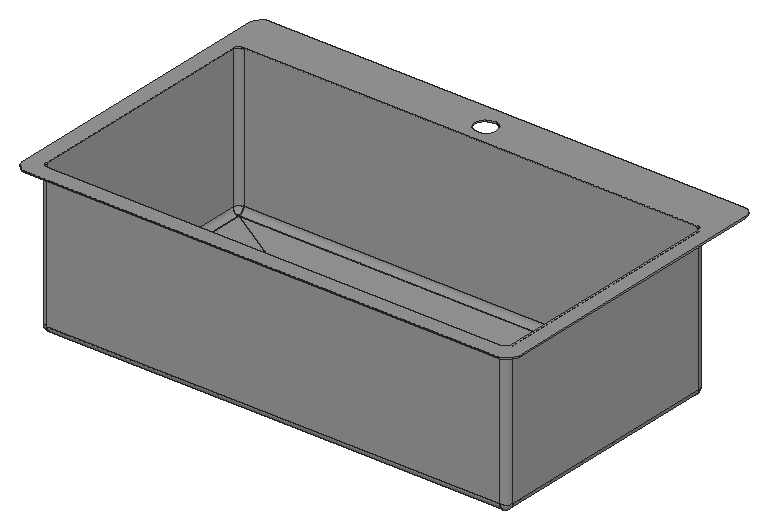
Revit family "BUILDMAT-SNGMTL007-Brittany-810-Tap-Landing-Gunmetal", category Plumbing Fixtures, host Face, Revit 2026
Family settings
  Host = Face
  Round Connector Dimension = Use Diameter
  Part Type = Normal
  Enable Cutting in Views = No
  Cut with Voids When Loaded = No
  Maintain Annotation Orientation = No
  Shared = No
  Room Calculation Point = No
Parameters (values of type "Brittany 810x500x250mm Brushed Gunmetal")
  Width = 760.0 mm
  Undermount [instance] = 0.0 mm
  URL = "https://www.buildmat.com.au/products/brittany-810-single-bowl-tap-landing-sink"
  Model = "TLAN007"  # constant formula
  Manufacturer URL = "https://www.buildmat.com.au/"
  Manufacturer = "BUILDMAT"  # constant formula
  Length = 400.0 mm
  Description = "BUILDMAT - Brittany 810x500 Single Bowl with Tap Landing Sink"  # constant formula
  Depth = 250.0 mm
  Default Elevation = 1219.2 mm
  Created By URL = "https://www.buildmat.com.au/"
  Created By = "BUILDMAT"  # constant formula
  Created = "22.06.2022"  # constant formula
  Material = BUILDMAT Gunmetal
Reference planes
  plane 1 "Center (Front/Back)": y = 0
  plane 2: z = 0
  plane 3 "Center (Left/Right)": x = 0
  plane 4 "Top Substrate": z = 0
  plane 5 "Left": x = -380
  plane 6 "Right": x = 380
  plane 7 "Back": y = 200
  plane 8 "Front": y = -200
  plane 9: x = -405
  plane 10: x = 405
  plane 11: y = -225
  plane 12: y = 275
  plane 13 "Bottom Void": z = -250
  plane 14: z = 1.5
  plane 15: x = -381.5
  plane 16: y = -201.5
  plane 17: x = 381.5
  plane 18: y = 201.5
  plane 19: z = -240
  plane 20: z = -230
  plane 21: x = -370
  plane 22: x = 370
  plane 23: y = -190
  plane 24: y = 190
  plane 25: z = -245
  plane 26: z = -241.5
  plane 27: z = -246.5
  plane 28: x = -100
  plane 29: x = 100
  plane 30 "Sound Pad": z = -130
  plane 31 "Front Bracket": y = -100
  plane 32 "Back Bracket": y = 100
  plane 33: x = -280
  plane 34: x = 280
  plane 35: x = -57
  plane 36: x = 57
  plane 37: x = -45
  plane 38: x = 45
  plane 39: y = 232
  plane 40: y = 251.5
  plane 41: x = -393.2
  plane 42: z = -15
  plane 43: x = 393.2
  plane 44: x = -391.7
  plane 45: x = 391.7
Forms (mm)
  Extrusion 1, void
    sketch origin (0, 0, 0) x (1, 0, 0) y (0, 1, 0)
      loop
        arc (-370, 200) -> (-377.071, 197.071) -> (-380, 190) r 10
        line (-380, 190) -> (-380, -190)
        arc (-380, -190) -> (-377.071, -197.071) -> (-370, -200) r 10
        line (-370, -200) -> (370, -200)
        arc (370, -200) -> (377.071, -197.071) -> (380, -190) r 10
        line (380, -190) -> (380, 190)
        arc (380, 190) -> (377.071, 197.071) -> (370, 200) r 10
        line (370, 200) -> (-370, 200)
    from 0 to 1.5
  Extrusion 2, void
    sketch origin (0, 0, 0) x (1, 0, 0) y (0, 1, 0)
      loop
        line (-381.5, 201.5) -> (-381.5, -201.5) -> (381.5, -201.5) -> (381.5, 201.5) -> (-381.5, 201.5)
    from 0 to -250
  Extrusion 3, void
    sketch origin (0, 0, 0) x (1, 0, 0) y (0, 1, 0)
      loop
        arc (-385, 275) -> (-399.142, 269.142) -> (-405, 255) r 20
        line (-405, 255) -> (-405, -205)
        arc (-405, -205) -> (-399.142, -219.142) -> (-385, -225) r 20
        line (-385, -225) -> (385, -225)
        arc (385, -225) -> (399.142, -219.142) -> (405, -205) r 20
        line (405, -205) -> (405, 255)
        arc (405, 255) -> (399.142, 269.142) -> (385, 275) r 20
        line (385, 275) -> (-385, 275)
    from 1.5 to 0
  Extrusion 4, solid, material "BUILDMAT Gunmetal" <- "Material"
    sketch origin (0, 0, 0) x (-1, 0, 0) y (0, -1, 0)
      loop
        arc (385, -275) -> (399.142, -269.142) -> (405, -255) r 20
        line (405, -255) -> (405, 205)
        arc (405, 205) -> (399.142, 219.142) -> (385, 225) r 20
        line (385, 225) -> (-385, 225)
        arc (-385, 225) -> (-399.142, 219.142) -> (-405, 205) r 20
        line (-405, 205) -> (-405, -255)
        arc (-405, -255) -> (-399.142, -269.142) -> (-385, -275) r 20
        line (-385, -275) -> (385, -275)
      loop
        arc (370, -200) -> (377.071, -197.071) -> (380, -190) r 10
        line (380, -190) -> (380, 190)
        arc (380, 190) -> (377.071, 197.071) -> (370, 200) r 10
        line (370, 200) -> (-370, 200)
        arc (-370, 200) -> (-377.071, 197.071) -> (-380, 190) r 10
        line (-380, 190) -> (-380, -190)
        arc (-380, -190) -> (-377.071, -197.071) -> (-370, -200) r 10
        line (-370, -200) -> (370, -200)
    from 0 to 1.5
  Extrusion 5, solid, material "BUILDMAT Gunmetal" <- "Material"
    sketch origin (0, 0, 0) x (-1, 0, 0) y (0, -1, 0)
      loop
        arc (370, -201.5) -> (378.132, -198.132) -> (381.5, -190) r 11.5
        line (381.5, -190) -> (381.5, 190)
        arc (381.5, 190) -> (378.132, 198.132) -> (370, 201.5) r 11.5
        line (370, 201.5) -> (-370, 201.5)
        arc (-370, 201.5) -> (-378.132, 198.132) -> (-381.5, 190) r 11.5
        line (-381.5, 190) -> (-381.5, -190)
        arc (-381.5, -190) -> (-378.132, -198.132) -> (-370, -201.5) r 11.5
        line (-370, -201.5) -> (370, -201.5)
      loop
        arc (-370, 200) -> (-377.071, 197.071) -> (-380, 190) r 10
        line (-380, 190) -> (-380, -190)
        arc (-380, -190) -> (-377.071, -197.071) -> (-370, -200) r 10
        line (-370, -200) -> (370, -200)
        arc (370, -200) -> (377.071, -197.071) -> (380, -190) r 10
        line (380, -190) -> (380, 190)
        arc (380, 190) -> (377.071, 197.071) -> (370, 200) r 10
        line (370, 200) -> (-370, 200)
    from 0 to -230
  Revolve 6, solid, material "BUILDMAT Gunmetal" <- "Material"
    sketch origin (-175.162, 190, 1219.2) x (-1, 0, 0) y (0, 0, 1)
      loop
        line (-555.162, -1449.2) -> (-556.662, -1449.2)
        arc (-556.662, -1449.2) -> (-553.293, -1457.332) -> (-545.162, -1460.7) r 11.5
        line (-545.162, -1460.7) -> (-545.162, -1459.2)
        arc (-545.162, -1459.2) -> (-552.233, -1456.271) -> (-555.162, -1449.2) r 10
      axis (-545.162, -1460.7) -> (-545.162, -1449.2)
    angle from 0 to -90
  Revolve 7, solid, material "BUILDMAT Gunmetal" <- "Material"
    sketch origin (-175.162, 190, 1219.2) x (-1, 0, 0) y (0, 0, 1)
      loop
        arc (204.838, -1449.2) -> (201.909, -1456.271) -> (194.838, -1459.2) r 10
        line (194.838, -1459.2) -> (194.838, -1460.7)
        arc (194.838, -1460.7) -> (202.97, -1457.332) -> (206.338, -1449.2) r 11.5
        line (206.338, -1449.2) -> (204.838, -1449.2)
      axis (194.838, -1449.2) -> (194.838, -1460.7)
    angle from 0 to -90
  Revolve 8, solid, material "BUILDMAT Gunmetal" <- "Material"
    sketch origin (-175.162, -190, 1219.2) x (-1, 0, 0) y (0, 0, 1)
      loop
        arc (204.838, -1449.2) -> (201.909, -1456.271) -> (194.838, -1459.2) r 10
        line (194.838, -1459.2) -> (194.838, -1460.7)
        arc (194.838, -1460.7) -> (202.97, -1457.332) -> (206.338, -1449.2) r 11.5
        line (206.338, -1449.2) -> (204.838, -1449.2)
      axis (194.838, -1449.2) -> (194.838, -1460.7)
    angle from 0 to 90
  Revolve 9, solid, material "BUILDMAT Gunmetal" <- "Material"
    sketch origin (-175.162, -190, 1219.2) x (-1, 0, 0) y (0, 0, 1)
      loop
        line (-555.162, -1449.2) -> (-556.662, -1449.2)
        arc (-556.662, -1449.2) -> (-553.293, -1457.332) -> (-545.162, -1460.7) r 11.5
        line (-545.162, -1460.7) -> (-545.162, -1459.2)
        arc (-545.162, -1459.2) -> (-552.233, -1456.271) -> (-555.162, -1449.2) r 10
      axis (-545.162, -1449.2) -> (-545.162, -1460.7)
    angle from 0 to 90
  Extrusion 10, solid, material "BUILDMAT Gunmetal" <- "Material"
    sketch origin (0, 0, 0) x (1, 0, 0) y (0, 0, 1)
      loop
        line (-380, -230) -> (-381.5, -230)
        arc (-381.5, -230) -> (-378.132, -238.132) -> (-370, -241.5) r 11.5
        line (-370, -241.5) -> (-370, -240)
        arc (-370, -240) -> (-377.071, -237.071) -> (-380, -230) r 10
    from -190 to 190
  Extrusion 11, solid, material "BUILDMAT Gunmetal" <- "Material"
    sketch origin (0, 0, 0) x (1, 0, 0) y (0, 0, 1)
      loop
        arc (380, -230) -> (377.071, -237.071) -> (370, -240) r 10
        line (370, -240) -> (370, -241.5)
        arc (370, -241.5) -> (378.132, -238.132) -> (381.5, -230) r 11.5
        line (381.5, -230) -> (380, -230)
    from -190 to 190
  Extrusion 12, solid, material "BUILDMAT Gunmetal" <- "Material"
    sketch origin (0, 0, 0) x (0, 1, 0) y (0, 0, 1)
      loop
        arc (200, -230) -> (197.071, -237.071) -> (190, -240) r 10
        line (190, -240) -> (190, -241.5)
        arc (190, -241.5) -> (198.132, -238.132) -> (201.5, -230) r 11.5
        line (201.5, -230) -> (200, -230)
    from -370 to 370
  Extrusion 13, solid, material "BUILDMAT Gunmetal" <- "Material"
    sketch origin (0, 0, 0) x (0, 1, 0) y (0, 0, 1)
      loop
        line (-200, -230) -> (-201.5, -230)
        arc (-201.5, -230) -> (-198.132, -238.132) -> (-190, -241.5) r 11.5
        line (-190, -241.5) -> (-190, -240)
        arc (-190, -240) -> (-197.071, -237.071) -> (-200, -230) r 10
    from -370 to 370
  Revolve 14, solid, material "BUILDMAT Gunmetal" <- "Material"
    sketch origin (0, 0, 0) x (1, 0, 0) y (0, 0, 1)
      loop
        line (-45, -250) -> (-45, -248.5)
        spline (-45, -248.5) -> (-46.484, -248.459) -> (-47.939, -248.339) -> (-49.337, -248.141) -> (-50.649, -247.871) -> (-51.848, -247.537) -> (-52.908, -247.151) -> (-53.805, -246.726) -> (-54.514, -246.283) -> (-55.023, -245.856) -> (-55.329, -245.483) -> (-55.468, -245.202) -> (-55.5, -245)
        line (-55.5, -245) -> (-57, -245)
        spline (-57, -245) -> (-56.897, -245.653) -> (-56.591, -246.294) -> (-56.087, -246.913) -> (-55.392, -247.5) -> (-54.52, -248.044) -> (-53.485, -248.536) -> (-52.305, -248.967) -> (-51, -249.33) -> (-49.592, -249.619) -> (-48.106, -249.83) -> (-46.566, -249.957) -> (-45, -250)
      axis (0, -245) -> (0, -250)
    angle from 0 to 360
  Blend 15, solid, material "BUILDMAT Gunmetal" <- "Material"
    base sketch origin (0, 0, 0) x (-1, 0, 0) y (0, -1, 0)
      loop
        circle (0, 0) r 57
    top sketch origin (0, 0, 0) x (-1, 0, 0) y (0, -1, 0)
      loop
        line (370, -190) -> (370, 190) -> (-370, 190) -> (-370, -190) -> (370, -190)
    from -246.5 to -241.5
  Blend 16, void
    base sketch origin (0, 0, 0) x (-1, 0, 0) y (0, -1, 0)
      loop
        circle (0, 0) r 57
    top sketch origin (0, 0, 0) x (-1, 0, 0) y (0, -1, 0)
      loop
        line (370, -190) -> (370, 190) -> (-370, 190) -> (-370, -190) -> (370, -190)
    from -245 to -240
  Extrusion 17, solid, material "BUILDMAT Gunmetal" <- "Material"
    sketch origin (0, 0, 0) x (-1, 0, 0) y (0, -1, 0)
      loop
        line (370, -190) -> (370, 190) -> (-370, 190) -> (-370, -190) -> (370, -190)
    from -241.5 to -240
  Extrusion 18, void
    sketch origin (0, 0, 0) x (-1, 0, 0) y (0, -1, 0)
      loop
        circle (0, 0) r 57
    from -250 to -230
  Extrusion 19, void
    sketch origin (0, 0, 0) x (-1, 0, 0) y (0, -1, 0)
      loop
        circle (0, -232) r 17.5
    from 0 to 100
Cuts and joins
  Extrusion 19 cuts Extrusion 4
  Extrusion 19 cuts Extrusion 5
  joined: Extrusion 4, Extrusion 5
  joined: Revolve 6, Revolve 9
  joined: Revolve 7, Revolve 8
  Blend 16, Extrusion 18 cuts Blend 15
  Blend 16, Extrusion 18 cuts Extrusion 17
  joined: Blend 15, Extrusion 17
Lines and regions (mm)
  Masking region 1
    outline origin (0, 0, 0) x (1, 0, 0) y (0, 0, 1)
      loop
        line (380, 0) -> (-380, 0) -> (-380, -230)
        arc (-380, -230) -> (-377.071, -237.071) -> (-370, -240) r 10
        line (-370, -240) -> (-57, -245) -> (57, -245) -> (370, -240)
        arc (370, -240) -> (377.071, -237.071) -> (380, -230) r 10
        line (380, -230) -> (380, 0)
  Masking region 2
    outline origin (0, 0, 0) x (1, 0, 0) y (0, 0, 1)
      loop
        line (-100, -245.813) -> (-100, -250) -> (-57, -250) -> (-57, -246.5) -> (-100, -245.813)
  Masking region 3
    outline origin (0, 0, 0) x (1, 0, 0) y (0, 0, 1)
      loop
        line (57, -246.5) -> (57, -250) -> (100, -250) -> (100, -245.813) -> (57, -246.5)
  Masking region 4
    outline origin (0, 0, 0) x (1, 0, 0) y (0, 0, 1)
      loop
        line (-393.2, 0) -> (-393.2, -15) -> (-391.7, -15) -> (-391.7, 0) -> (-393.2, 0)
  Masking region 5
    outline origin (0, 0, 0) x (1, 0, 0) y (0, 0, 1)
      loop
        line (391.7, 0) -> (391.7, -15) -> (393.2, -15) -> (393.2, 0) -> (391.7, 0)
Text (mm)
  text "Refer to www.buildmat.com.au for the most current product literature. \nAllow a +/- 5mm tolerance for dimensions shown in the product literature. \nPlease note product details are subject to change due to ongoing product development." at (0.056, -1035.857, 0), in view "Ref. Level"
Dimensions and locks
  "Undermount": plane 2 to plane 4 "Top Substrate"
  equal spacing: plane 5 "Left", plane 3 "Center (Left/Right)", plane 6 "Right"
  "Width": plane 5 "Left" to plane 6 "Right"
  "Length": plane 7 "Back" to plane 8 "Front"
  equal spacing: plane 7 "Back", plane 1 "Center (Front/Back)", plane 8 "Front"
  locked: plane 12 to plane 7 "Back" at 75
  locked: plane 8 "Front" to plane 11 at 25
  locked: plane 9 to plane 5 "Left" at 25
  locked: plane 6 "Right" to plane 10 at 25
  "Depth": plane 4 "Top Substrate" to plane 13 "Bottom Void"
  locked: plane 14 to plane 4 "Top Substrate" at 1.5
  locked: plane 18 to plane 7 "Back" at 1.5
  locked: plane 8 "Front" to plane 16 at 1.5
  plane 15 to plane 5 "Left" = 1.5 mm
  plane 6 "Right" to plane 17 = 1.5 mm
  plane 20 to plane 19 to plane 13 "Bottom Void" = 10.0 mm, 10.0 mm
  locked: plane 5 "Left" to plane 21 at 10
  locked: plane 22 to plane 6 "Right" at 10
  locked: plane 7 "Back" to plane 24 at 10
  locked: plane 23 to plane 8 "Front" at 10
  locked: plane 19 to plane 26 at 1.5
  locked: plane 25 to plane 13 "Bottom Void" at 5
  locked: plane 25 to plane 27 at 1.5
  plane 29 to plane 3 "Center (Left/Right)" to plane 28 = 100.0 mm locked, 100.0 mm locked
  locked: plane 30 "Sound Pad" to plane 13 "Bottom Void" at 120
  locked: plane 7 "Back" to plane 32 "Back Bracket" at 100
  locked: plane 31 "Front Bracket" to plane 8 "Front" at 100
  locked: plane 33 to plane 5 "Left" at 100
  locked: plane 6 "Right" to plane 34 at 100
  plane 37 to plane 3 "Center (Left/Right)" to plane 38 = 45.0 mm locked, 45.0 mm locked
  plane 35 to plane 3 "Center (Left/Right)" to plane 36 = 57.0 mm locked, 57.0 mm locked
  locked: plane 12 to plane 39 at 43
  locked: plane 40 to plane 18 at 50
  plane 44 to plane 41 to plane 9 = 1.5 mm locked, 11.8 mm locked
  plane 10 to plane 43 to plane 45 = 11.8 mm locked, 1.5 mm locked
  locked: plane 4 "Top Substrate" to plane 42 at 15
  aligned and locked: plane 2 to host face
  aligned and locked: level to host face
  aligned and locked: plane 8 "Front" to Extrusion 1 sketch curve
  aligned and locked: Extrusion 1 sketch curve to plane 7 "Back"
  aligned and locked: plane 5 "Left" to Extrusion 1 sketch curve
  aligned and locked: Extrusion 1 sketch curve to plane 6 "Right"
  aligned and locked: plane 2 to Extrusion 1
  aligned and locked: plane 14 to Extrusion 1
  aligned and locked: Extrusion 2 sketch curve to plane 16
  aligned and locked: Extrusion 2 sketch curve to plane 18
  aligned and locked: plane 15 to Extrusion 2 sketch curve
  aligned and locked: plane 17 to Extrusion 2 sketch curve
  aligned and locked: Extrusion 2 to plane 13 "Bottom Void"
  aligned and locked: plane 4 "Top Substrate" to Extrusion 2
  aligned and locked: Extrusion 3 sketch curve to plane 11
  aligned and locked: plane 9 to Extrusion 3 sketch curve
  aligned and locked: Extrusion 3 sketch curve to plane 10
  aligned and locked: Extrusion 3 sketch curve to plane 12
  aligned and locked: Extrusion 3 to plane 4 "Top Substrate"
  aligned and locked: Extrusion 3 to plane 14
  aligned and locked: Extrusion 4 sketch curve to plane 11
  aligned and locked: Extrusion 4 sketch curve to plane 12
  aligned and locked: plane 9 to Extrusion 4 sketch curve
  aligned and locked: Extrusion 4 sketch curve to plane 10
  aligned and locked: plane 5 "Left" to Extrusion 4 sketch curve
  aligned and locked: Extrusion 4 sketch curve to plane 6 "Right"
  aligned and locked: Extrusion 4 sketch curve to plane 7 "Back"
  aligned and locked: plane 8 "Front" to Extrusion 4 sketch curve
  aligned and locked: Extrusion 5 sketch curve to plane 7 "Back"
  aligned and locked: plane 5 "Left" to Extrusion 5 sketch curve
  aligned and locked: Extrusion 5 sketch curve to plane 6 "Right"
  aligned and locked: plane 8 "Front" to Extrusion 5 sketch curve
  aligned and locked: plane 15 to Extrusion 5 sketch curve
  aligned and locked: Extrusion 5 sketch curve to plane 16
  aligned and locked: plane 17 to Extrusion 5 sketch curve
  aligned and locked: Extrusion 5 sketch curve to plane 18
  aligned and locked: Extrusion 5 to plane 20
  aligned and locked: plane 4 "Top Substrate" to Extrusion 5
  aligned and locked: Extrusion 11 to plane 23
  aligned and locked: plane 24 to Extrusion 11
  aligned and locked: plane 24 to Extrusion 10
  aligned and locked: Extrusion 10 to plane 23
  aligned and locked: Extrusion 13 to plane 21
  aligned and locked: plane 22 to Extrusion 13
  aligned and locked: plane 22 to Extrusion 12
  aligned and locked: Extrusion 12 to plane 21
  aligned and locked: plane 21 to Blend 15 sketch curve
  aligned and locked: Blend 15 sketch curve to plane 22
  aligned and locked: Blend 15 sketch curve to plane 23
  aligned and locked: Blend 15 sketch curve to plane 24
  aligned and locked: plane 27 to Blend 15
  aligned and locked: Blend 15 to plane 26
  aligned and locked: Blend 16 sketch curve to plane 24
  aligned and locked: plane 21 to Blend 16 sketch curve
  aligned and locked: Blend 16 sketch curve to plane 22
  aligned and locked: Blend 16 sketch curve to plane 23
  aligned and locked: Blend 16 to plane 25
  aligned and locked: Blend 16 to plane 19
  aligned and locked: Extrusion 17 sketch curve to plane 24
  aligned and locked: Extrusion 17 sketch curve to plane 23
  aligned and locked: plane 21 to Extrusion 17 sketch curve
  aligned and locked: Extrusion 17 sketch curve to plane 22
  aligned and locked: Extrusion 17 to plane 26
  aligned and locked: Extrusion 17 to plane 19
  aligned and locked: Extrusion 18 to plane 13 "Bottom Void"
  aligned and locked: plane 20 to Extrusion 18
  aligned and locked: cut or joined group of Blend 15, Blend 16, Extrusion 17, Extrusion 18 to Masking region 2 sketch curve
  aligned and locked: Masking region 3 sketch curve to cut or joined group of Blend 15, Blend 16, Extrusion 17, Extrusion 18
  aligned and locked: plane 3 "Center (Left/Right)" to nested 1
  aligned and locked: nested 1 to plane 30 "Sound Pad"
  aligned and locked: plane 31 "Front Bracket" to nested 3
  aligned and locked: plane 15 to nested 3
  aligned and locked: plane 31 "Front Bracket" to nested 5
  aligned and locked: plane 17 to nested 5
  aligned and locked: plane 32 "Back Bracket" to nested 4
  aligned and locked: plane 17 to nested 4
  aligned and locked: plane 32 "Back Bracket" to nested 2
  aligned and locked: plane 15 to nested 2
  aligned and locked: nested 6 to plane 4 "Top Substrate"
  aligned and locked: nested 6 to plane 33
  aligned and locked: nested 7 to plane 4 "Top Substrate"
  aligned and locked: nested 7 to plane 34
  aligned and locked: nested 10 to plane 33
  aligned and locked: nested 11 to plane 34
  aligned and locked: plane 16 to nested 10
  aligned and locked: nested 11 to plane 16
  aligned and locked: plane 33 to nested 8
  aligned and locked: plane 34 to nested 9
  aligned and locked: nested 12 to plane 23
  aligned and locked: nested 12 to plane 24
  aligned and locked: plane 22 to nested 12
  aligned and locked: plane 21 to nested 12
  aligned and locked: plane 3 "Center (Left/Right)" to nested 13
  aligned and locked: plane 1 "Center (Front/Back)" to nested 13
  aligned and locked: plane 4 "Top Substrate" to Masking region 1
  aligned and locked: nested 9 to plane 40
  aligned and locked: nested 8 to plane 40
  aligned and locked: Extrusion 19 to plane 4 "Top Substrate"
  aligned and locked: Masking region 4 sketch curve to plane 4 "Top Substrate"
  aligned and locked: Masking region 4 sketch curve to plane 42
  aligned and locked: Masking region 4 sketch curve to plane 41
  aligned and locked: Masking region 4 sketch curve to plane 44
  aligned and locked: Masking region 5 sketch curve to plane 4 "Top Substrate"
  aligned and locked: plane 42 to Masking region 5 sketch curve
  aligned and locked: Masking region 5 sketch curve to plane 43
  aligned and locked: Masking region 5 sketch curve to plane 45
Automatic sketch dimensions
  host sketch curve to host sketch curve = 2438.4 mm  (x2)
  plane 5 "Left" to Extrusion 1 sketch curve = 10.0 mm  (x2)
  Extrusion 1 sketch curve to plane 6 "Right" = 10.0 mm  (x2)
  Extrusion 4 sketch curve to plane 10 = 20.0 mm  (x2)
  Extrusion 4 sketch curve to Extrusion 4 sketch curve = 10.0 mm  (x2)
  plane 5 "Left" to Extrusion 4 sketch curve = 10.0 mm
  plane 9 to Extrusion 4 sketch curve = 20.0 mm
  plane 8 "Front" to Extrusion 4 sketch curve = 10.0 mm
  plane 11 to Extrusion 4 sketch curve = 20.0 mm
  Extrusion 3 sketch curve to plane 5 "Left" = 5.0 mm
  plane 6 "Right" to Extrusion 3 sketch curve = 5.0 mm  (x2)
  plane 7 "Back" to Extrusion 3 sketch curve = 55.0 mm
  plane 5 "Left" to Extrusion 5 sketch curve = 10.0 mm
  Extrusion 5 sketch curve to plane 6 "Right" = 10.0 mm
  plane 8 "Front" to Extrusion 5 sketch curve = 10.0 mm
  Extrusion 5 sketch curve to plane 7 "Back" = 10.0 mm
  Extrusion 5 sketch curve to Extrusion 5 sketch curve = 0.0 mm  (x4)
  Revolve 6 sketch curve to Revolve 6 sketch curve = 0.0 mm  (x3)
  plane 17 to Revolve 6 sketch curve = 0.0 mm
  Revolve 6 sketch curve to plane 6 "Right" = 0.0 mm
  Revolve 6 sketch curve to plane 22 = 0.0 mm  (x2)
  Revolve 6 sketch curve to plane 19 = 0.0 mm
  Revolve 6 sketch curve to plane 20 = 0.0 mm
  Revolve 7 sketch curve to Revolve 7 sketch curve = 0.0 mm  (x3)
  Revolve 7 sketch curve to plane 20 = 0.0 mm  (x2)
  Revolve 7 sketch curve to plane 21 = 0.0 mm  (x2)
  Revolve 7 sketch curve to plane 5 "Left" = 0.0 mm
  Revolve 7 sketch curve to plane 15 = 0.0 mm
  Revolve 8 sketch curve to Revolve 8 sketch curve = 0.0 mm  (x3)
  Revolve 8 sketch curve to plane 20 = 0.0 mm  (x2)
  Revolve 8 sketch curve to plane 21 = 0.0 mm  (x2)
  Revolve 8 sketch curve to plane 5 "Left" = 0.0 mm
  Revolve 8 sketch curve to plane 15 = 0.0 mm
  Revolve 9 sketch curve to Revolve 9 sketch curve = 0.0 mm  (x3)
  plane 17 to Revolve 9 sketch curve = 0.0 mm
  Revolve 9 sketch curve to plane 6 "Right" = 0.0 mm
  Revolve 9 sketch curve to plane 22 = 0.0 mm  (x2)
  Revolve 9 sketch curve to plane 20 = 0.0 mm
  Revolve 9 sketch curve to plane 19 = 0.0 mm
  Extrusion 10 sketch curve to plane 15 = 0.0 mm
  Extrusion 10 sketch curve to plane 5 "Left" = 0.0 mm
  Extrusion 10 sketch curve to plane 19 = 0.0 mm
  Extrusion 10 sketch curve to plane 21 = 0.0 mm
  Extrusion 11 sketch curve to plane 20 = 0.0 mm
  Extrusion 11 sketch curve to plane 22 = 0.0 mm
  Extrusion 11 sketch curve to plane 6 "Right" = 0.0 mm
  plane 17 to Extrusion 11 sketch curve = 0.0 mm
  Extrusion 12 sketch curve to plane 20 = 0.0 mm
  Extrusion 12 sketch curve to plane 24 = 0.0 mm
  Extrusion 12 sketch curve to plane 7 "Back" = 0.0 mm
  Extrusion 12 sketch curve to plane 18 = 0.0 mm
  Extrusion 13 sketch curve to plane 16 = 0.0 mm
  Extrusion 13 sketch curve to plane 8 "Front" = 0.0 mm
  Extrusion 13 sketch curve to plane 23 = 0.0 mm
  Extrusion 13 sketch curve to plane 19 = 0.0 mm
  Revolve 14 sketch curve to plane 25 = 0.0 mm
  Revolve 14 sketch curve to plane 13 "Bottom Void" = 0.0 mm  (x2)
  Revolve 14 sketch curve to plane 3 "Center (Left/Right)" = 0.0 mm
  Revolve 14 sketch curve to plane 20 = 0.0 mm
  Revolve 14 sketch curve to plane 3 "Center (Left/Right)" = 45.0 mm
  Revolve 14 sketch curve to Revolve 14 sketch curve = 10.5 mm
  Revolve 14 sketch curve to Revolve 14 sketch curve = 1.5 mm  (x2)
  Revolve 14 sketch curve to Revolve 14 sketch curve = 0.0 mm
  plane 1 "Center (Front/Back)" to Blend 15 sketch curve = 0.0 mm
  Blend 15 sketch curve to plane 3 "Center (Left/Right)" = 0.0 mm
  plane 1 "Center (Front/Back)" to Blend 16 sketch curve = 0.0 mm
  Blend 16 sketch curve to plane 3 "Center (Left/Right)" = 0.0 mm
  plane 1 "Center (Front/Back)" to Extrusion 18 sketch curve = 0.0 mm
  Extrusion 18 sketch curve to plane 3 "Center (Left/Right)" = 0.0 mm
  Masking region 1 sketch curve to level = 0.0 mm
  Masking region 1 sketch curve to plane 20 = 0.0 mm
  Masking region 1 sketch curve to plane 21 = 0.0 mm
  Masking region 1 sketch curve to plane 25 = 0.0 mm
  Masking region 1 sketch curve to plane 3 "Center (Left/Right)" = 57.0 mm
  plane 3 "Center (Left/Right)" to Masking region 1 sketch curve = 57.0 mm
  Masking region 1 sketch curve to plane 19 = 0.0 mm
  Masking region 1 sketch curve to plane 22 = 0.0 mm
  Masking region 1 sketch curve to plane 6 "Right" = 0.0 mm
  Masking region 1 sketch curve to plane 5 "Left" = 0.0 mm
  Masking region 2 sketch curve to plane 28 = 0.0 mm
  Masking region 2 sketch curve to plane 13 "Bottom Void" = 0.0 mm
  Masking region 2 sketch curve to plane 27 = 0.0 mm
  Masking region 3 sketch curve to plane 27 = 0.0 mm
  Masking region 3 sketch curve to plane 13 "Bottom Void" = 0.0 mm
  Masking region 3 sketch curve to plane 29 = 0.0 mm
  Extrusion 19 sketch curve to plane 3 "Center (Left/Right)" = 0.0 mm
  Extrusion 19 sketch curve to plane 39 = 0.0 mm
  radius of Blend 15 sketch curve = 57.0 mm
  radius of Blend 16 sketch curve = 57.0 mm
  radius of Extrusion 18 sketch curve = 57.0 mm
  radius of Extrusion 19 sketch curve = 17.5 mm
Nested families
  nested 1: "SP_Front" at (0, 0, -130) x (1, 0, 0) z (0, -1, 0), type "SP_Front", not visible
  nested 2: "TMB_Plan" at (-381.5, 100, 0) x (0, 1, 0) z (0, 0, 1), type "TMB_Plan"
  nested 3: "TMB_Plan" at (-381.5, -100, 0) x (0, 1, 0) z (0, 0, 1), type "TMB_Plan"
  nested 4: "TMB_Plan" at (381.5, 100, 0) x (0, -1, 0) z (0, 0, 1), type "TMB_Plan"
  nested 5: "TMB_Plan" at (381.5, -100, 0) x (0, -1, 0) z (0, 0, 1), type "TMB_Plan"
  nested 6: "TMB_Front" at (-280, 0, 0) x (1, 0, 0) z (0, -1, 0), type "TMB_Front"
  nested 7: "TMB_Front" at (280, 0, 0) x (1, 0, 0) z (0, -1, 0), type "TMB_Front"
  nested 8: "TMB_Plan" at (-280, 251.5, 0), type "TMB_Plan"
  nested 9: "TMB_Plan" at (280, 251.5, 0), type "TMB_Plan"
  nested 10: "TMB_Plan" at (-280, -201.5, 0) x (-1, 0, 0) z (0, 0, 1), type "TMB_Plan"
  nested 11: "TMB_Plan" at (280, -201.5, 0) x (-1, 0, 0) z (0, 0, 1), type "TMB_Plan"
  nested 12: "BOWL Plan" at (0, 0, -130), type "BOWL Plan"
    with Width 740.0 mm, Lenght 380.0 mm
  nested 13: "DRAIN" at (0, 0, 0), type "DRAIN"
Definition of nested family "SP_Front"
  Reference planes
    plane 1 "Center (Elevation)": y = 0
    plane 2: z = 0
    plane 3 "Center (Left/Right)": x = 0
  Lines and regions (mm)
    Masking region 1, in view "Ref. Level"
      outline origin (0, 0, 0) x (1, 0, 0) y (0, 1, 0)
        loop
          arc (-50, 40) -> (-57.071, 37.071) -> (-60, 30) r 10
          line (-60, 30) -> (-60, -30)
          arc (-60, -30) -> (-57.071, -37.071) -> (-50, -40) r 10
          line (-50, -40) -> (50, -40)
          arc (50, -40) -> (57.071, -37.071) -> (60, -30) r 10
          line (60, -30) -> (60, 30)
          arc (60, 30) -> (57.071, 37.071) -> (50, 40) r 10
          line (50, 40) -> (-50, 40)
    detail lines, in view "Ref. Level"
      curve 1: line (-50, 40, 0) -> (50, 40, 0)
      curve 2: line (50, -40, 0) -> (-50, -40, 0)
      curve 3: line (60, 30, 0) -> (60, -30, 0)
      curve 4: line (-60, 30, 0) -> (-60, -30, 0)
      curve 5: arc (-50, 40, 0) -> (-57.071, 37.071, 0) -> (-60, 30, 0) r 10
      curve 6: arc (-60, -30, 0) -> (-57.071, -37.071, 0) -> (-50, -40, 0) r 10
      curve 7: arc (50, -40, 0) -> (57.071, -37.071, 0) -> (60, -30, 0) r 10
      curve 8: arc (60, 30, 0) -> (57.071, 37.071, 0) -> (50, 40, 0) r 10
  Dimensions and locks
    aligned and locked: Masking region 1 sketch curve to curve 1
    aligned and locked: Masking region 1 sketch curve to curve 4
    aligned and locked: Masking region 1 sketch curve to curve 2
    aligned and locked: Masking region 1 sketch curve to curve 3
Definition of nested family "TMB_Plan"
  Reference planes
    plane 1 "Center (Front/Back)": y = 0
    plane 2: z = 0
    plane 3 "Center (Left/Right)": x = 0
  Lines and regions (mm)
    detail lines, in view "Ref. Level"
      curve 1: line (-17.5, 0, 0) -> (17.5, 0, 0)
      curve 2: line (17.5, 0, 0) -> (17.5, 5, 0)
      curve 3: line (17.5, 5, 0) -> (12.5, 5, 0)
      curve 4: line (-17.5, 0, 0) -> (-17.5, 5, 0)
      curve 5: line (-17.5, 5, 0) -> (-12.5, 5, 0)
Definition of nested family "TMB_Front"
  Reference planes
    plane 1 "Center (Elevation)": y = 0
    plane 2: z = 0
    plane 3 "Center (Left/Right)": x = 0
  Lines and regions (mm)
    Masking region 1, in view "Ref. Level"
      outline origin (0, 0, 0) x (1, 0, 0) y (0, 1, 0)
        loop
          line (-17.5, 0) -> (-17.5, -80) -> (17.5, -80) -> (17.5, 0) -> (-17.5, 0)
    detail lines, in view "Ref. Level"
      curve 1: line (-17.5, 0, 0) -> (-17.5, -80, 0)
      curve 2: line (-17.5, -80, 0) -> (17.5, -80, 0)
      curve 3: line (17.5, -80, 0) -> (17.5, 0, 0)
      curve 4: line (-12.5, -50, 0) -> (12.5, -50, 0)
      curve 5: line (-12.5, -75, 0) -> (-12.5, -50, 0)
      curve 6: line (12.5, -75, 0) -> (-12.5, -75, 0)
      curve 7: line (12.5, -50, 0) -> (12.5, -75, 0)
Definition of nested family "BOWL Plan"
  Parameters (values of type "BOWL Plan")
    Width [instance] = 600.0 mm
    Lenght [instance] = 400.0 mm
  Reference planes
    plane 1 "Center (Front/Back)": y = 0
    plane 2: z = 0
    plane 3 "Center (Left/Right)": x = 0
    plane 4 "Left": x = -300
    plane 5 "Right": x = 300
    plane 6 "Back": y = 200
    plane 7 "Front": y = -200
  Lines and regions (mm)
    Masking region 1, in view "Ref. Level"
      outline origin (0, 0, 0) x (1, 0, 0) y (0, 1, 0)
        loop
          line (-300, 200) -> (-300, -200) -> (300, -200) -> (300, 200) -> (-300, 200)
    detail lines, in view "Ref. Level"
      curve 1: line (-300, 200, 0) -> (300, -200, 0)
      curve 2: line (-300, -200, 0) -> (300, 200, 0)
  Dimensions and locks
    equal spacing: plane 6 "Back", plane 1 "Center (Front/Back)", plane 7 "Front"
    "Lenght": plane 6 "Back" to plane 7 "Front"
    equal spacing: plane 4 "Left", plane 3 "Center (Left/Right)", plane 5 "Right"
    "Width": plane 4 "Left" to plane 5 "Right"
    aligned and locked: plane 4 "Left" to Masking region 1 sketch curve
    aligned and locked: Masking region 1 sketch curve to plane 5 "Right"
    aligned and locked: plane 7 "Front" to Masking region 1 sketch curve
    aligned and locked: Masking region 1 sketch curve to plane 6 "Back"
  Automatic sketch dimensions
    curve 2 to plane 4 "Left" = 0.0 mm
    curve 1 to plane 4 "Left" = 0.0 mm
    curve 2 to plane 5 "Right" = 0.0 mm
    curve 1 to plane 5 "Right" = 0.0 mm
    curve 1 to plane 7 "Front" = 0.0 mm
    curve 2 to plane 7 "Front" = 0.0 mm
    curve 2 to plane 6 "Back" = 0.0 mm
    curve 1 to plane 6 "Back" = 0.0 mm
Definition of nested family "DRAIN"
  Reference planes
    plane 1 "Center (Front/Back)": y = 0
    plane 2: z = 0
    plane 3 "Center (Left/Right)": x = 0
  Lines and regions (mm)
    Masking region 1, in view "Ref. Level"
      outline origin (0, 0, 0) x (1, 0, 0) y (0, 1, 0)
        loop
          circle (0, 0) r 57
    detail lines, in view "Ref. Level"
      curve 1: circle (0, 0, 0) r 45 normal (0, 0, 1)
      curve 2: circle (0, 0, 0) r 55.5 normal (0, 0, 1)
